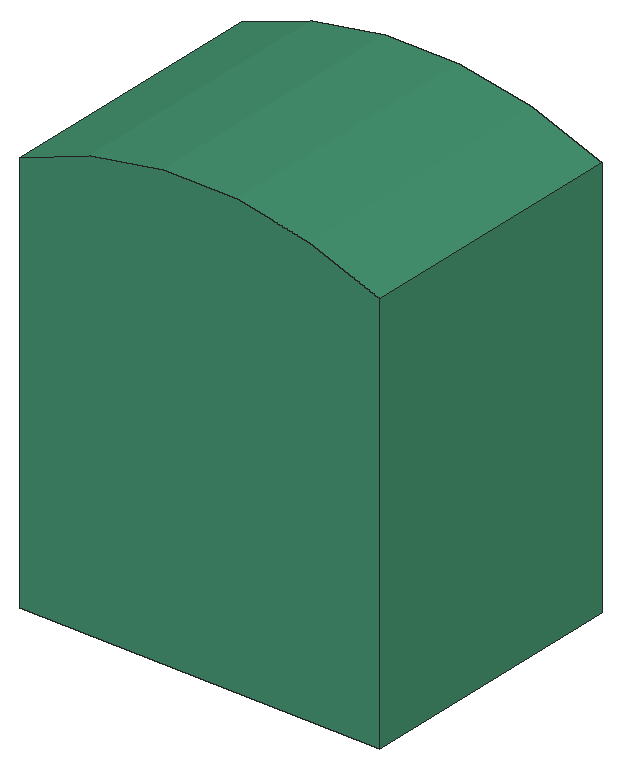
Revit family "Oberteil Kombiableiter", category Generic Models, Revit 2015
Parameters (values of type "MCD 50-B 0")
  Width 1 = 44.9 mm
  URL = "http://www.obo-bettermann.com"
  Material 2 = PA6 GF20 FR HF RAL 6029
  Manufacturer Art.No. = "5096822"
  Manufacturer = "OBO Bettermann"
  Length = 35 mm
  Height = 56 mm
  GTIN = "4012195544517"
  Article Type = "MCD 50-B 0"
Reference planes
  plane 1 "Center (Front/Back)": y = 0
  plane 2: z = 0
  plane 3 "Center (Left/Right)": x = 0
  plane 4: y = 35
  plane 5: z = 56
  plane 6: z = 50.88
Forms (mm)
  Extrusion 1, solid, material "PA6 GF20 FR HF RAL 6029" <- "Material 2"
    sketch origin (0, 0, 0) x (1, 0, 0) y (0, 0, 1)
      loop
        line (-22.7, 50.88) -> (-22.7, 0) -> (22.7, 0) -> (22.7, 50.88)
        arc (22.7, 50.88) -> (0, 56) -> (-22.7, 50.88) r 52.881
    from -35 to 0
Dimensions and locks
  "Length": plane 1 "Center (Front/Back)" to plane 4
  "Height": plane 5 to level
  plane 5 to plane 6 = 5.12 mm
  locked: Extrusion 1 to Extrusion 1 at 45.4
  equal spacing: Extrusion 1, plane 3 "Center (Left/Right)", Extrusion 1, locked at 22.7 each
  radius of Extrusion 1 sketch curve = 52.881 mm
  aligned and locked: level to plane 2
  aligned and locked: plane 6 to Extrusion 1 sketch curve  (x2)
  aligned and locked: plane 1 "Center (Front/Back)" to Extrusion 1
  aligned and locked: Extrusion 1 to level
Automatic sketch dimensions
  Extrusion 1 sketch curve to level = 0 mm
  Extrusion 1 sketch curve to plane 3 "Center (Left/Right)" = 0 mm
  Extrusion 1 sketch curve to plane 3 "Center (Left/Right)" = 22.7 mm
